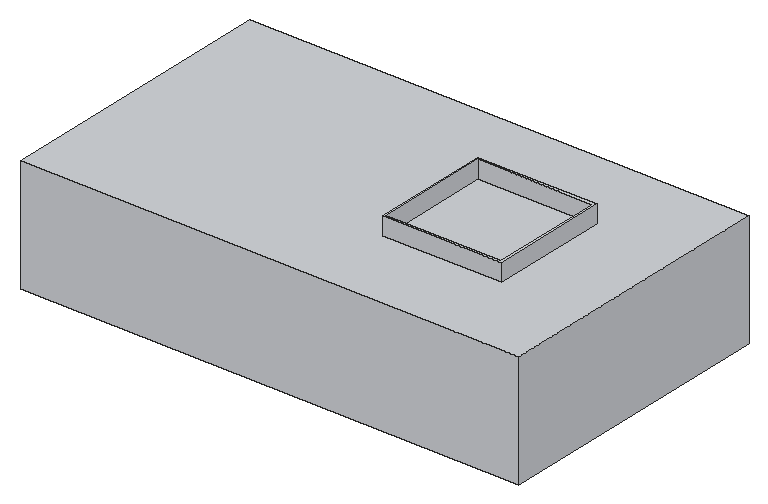
Revit family "Lighting-Recessed-Lucifer-Fraxion 3 Trimless Square", category Lighting Fixtures, host Face, Revit 2016
Family settings
  Host = Face
  Part Type = Normal
  Round Connector Dimension = Use Diameter
  Cut with Voids When Loaded = No
  Light Source = Yes
  Shared = No
  Room Calculation Point = No
Parameters (values of type "F3STFT")
  Width = 7.50"
  Wattage = 9.2903 W
  built-in parameter 1150110 = 1 (stored number, unit not read)
  Voltage = 0 V
  URL = "https://www.luciferlighting.com/"
  built-in parameter 1114217 = 1 (stored number, unit not read)
  Tilt Angle = -90.00°
  built-in parameter 1150109 = 1 (stored number, unit not read)
  built-in parameter 1150134 = 3
  built-in parameter 1150113 = 1 (stored number, unit not read)
  Power Factor = 1
  Photometric Web File = "Load File"
  Number of Poles = 1
  built-in parameter 1150142 = (empty or 0)
  Model = "F3STFT"
  Manufacturer = "Lucifer Lighting"
  built-in parameter 1150105 = 109.82 (stored number, unit not read)
  Lumens = 1380 lm
  built-in parameter 1150115 = 1 (stored number, unit not read)
  built-in parameter 1150137 = (empty or 0)
  built-in parameter 1150139 = (empty or 0)
  Length = 13.00"
  built-in parameter 1150112 = 1 (stored number, unit not read)
  built-in parameter 1150114 = 1 (stored number, unit not read)
  Lamp = "LED"
  built-in parameter 1150132 = (empty or 0)
  built-in parameter 1150102 = (empty or 0)
  built-in parameter 1150107 = 3200 (stored number, unit not read)
  built-in parameter 1150138 = (empty or 0)
  built-in parameter 1150106 = 1.0982 (stored number, unit not read)
  Emit from Rectangle Width = 3.00"
  Emit from Rectangle Length = 3.00"
  Emit Shape Visible in Rendering = no
  built-in parameter 1150104 = 13.8 (stored number, unit not read)
  Dimming Lamp Color Temperature Shift = <None>
  Description = "Recessed LED Downlight Remodel"
  Default Elevation = 48.00"
  Color Filter = 16777215
  built-in parameter 1114218 = 1 (stored number, unit not read)
  built-in parameter 1150133 = 10 (stored number, unit not read)
  Apparent Load = 0 VA
Types (4): name | Width | Model | Length | Emit from Rectangle Width | Emit from Rectangle Length
  (no name) | 7.50" | "F3STFT" | 13.00" | 3.00" | 3.00"
  F3STWW | 9.83439" | "F3STWW" | 9.74169" | 24.00" | 48.00"
  F3STFT | 7.50" | "F3STFT" | 13.00" | 3.00" | 3.00"
  F3STAT | 7.50" | "F3STAT" | 13.00" | 24.00" | 48.00"
Reference planes (in)
  plane 1 "Center (Front/Back)": y = 0
  plane 2: z = 0
  plane 3 "Center (Left/Right)": x = 0
  plane 4: y = 1.4
  plane 5: y = -1.4
  plane 6: z = -3.45
  plane 7: x = 3.75
  plane 8: z = -0.46
Forms (in)
  Extrusion 1, solid
    sketch origin (-2.75, 0, 0) x (1, 0, 0) y (0, 1, 0)
      loop
        line (-6.5, 3.75) -> (-6.5, -3.75) -> (6.5, -3.75) -> (6.5, 3.75) -> (-6.5, 3.75)
    from -3.45 to -0.46
  Extrusion 2, void
    sketch origin (0, 0, 0) x (1, 0, 0) y (0, 1, 0)
      loop
        line (-1.5, 1.5) -> (-1.5, -1.50156) -> (1.50107, -1.50156) -> (1.50107, 1.5) -> (-1.5, 1.5)
    from -0.46 to 0
  Extrusion 3, solid
    sketch origin (0, 0, 0) x (1, 0, 0) y (0, 1, 0)
      loop
        line (-1.5, 1.5) -> (-1.5, -1.50156) -> (1.50107, -1.50156) -> (1.50107, 1.5) -> (-1.5, 1.5)
      loop
        line (-1.55, 1.55) -> (-1.55, -1.55156) -> (1.55107, -1.55156) -> (1.55107, 1.55) -> (-1.55, 1.55)
    from -0.46 to 0
Dimensions and locks (in)
  equal spacing: plane 4, plane 1 "Center (Front/Back)", plane 5
  plane 4 to plane 5 = 2.80"
  "Length": Extrusion 1 sketch curve to Extrusion 1 sketch curve
  equal spacing: Extrusion 1 sketch curve, plane 1 "Center (Front/Back)", Extrusion 1 sketch curve
  "Width": Extrusion 1 sketch curve to Extrusion 1 sketch curve
  plane 3 "Center (Left/Right)" to plane 7 = 3.75"
  host face to plane 8 = 0.46"
  Extrusion 1 to Extrusion 1 = 2.99"
  aligned and locked: plane 2 to host face
  aligned and locked: level to host face
  aligned and locked: Extrusion 2 sketch curve to imposter light  (x2)
  aligned and locked: Extrusion 3 to Extrusion 1
Automatic sketch dimensions
  host sketch curve to host sketch curve = 96.00"  (x2)
  Extrusion 1 sketch curve to plane 7 = 0.00"
  plane 5 to Extrusion 3 sketch curve = 0.10156"
  Extrusion 3 sketch curve to plane 3 "Center (Left/Right)" = 1.50"
  plane 3 "Center (Left/Right)" to Extrusion 3 sketch curve = 1.50107"
  Extrusion 3 sketch curve to plane 4 = 0.10"
  Extrusion 3 sketch curve to Extrusion 3 sketch curve = 0.05"  (x4)
  plane 5 to Extrusion 2 sketch curve = 0.10156"
  plane 3 "Center (Left/Right)" to Extrusion 2 sketch curve = 1.50107"
Connectors (in)
  electrical at (-2.75, 0, -3.45), driven by "Number of Poles", driven by "Voltage", driven by "Apparent Load", driven by "Power Factor"
    settings: on Extrusion 1, index 1, voltage 0 V, apparent load 0 VA, apparent load phase1 0 VA, apparent load phase2 0 VA, apparent load phase3 0 VA, power factor 1, load classification "Other", number of poles 1, system type 31, power factor state 1, is connector primary yes, connector utility no, sub classification motor no, connector description ""
